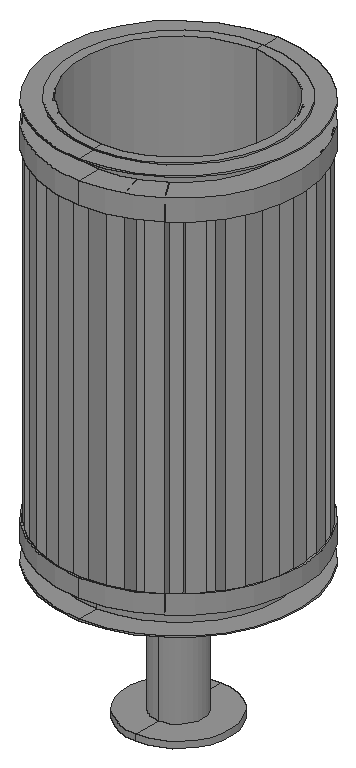
Revit family "Урна уличная «Радиус-3» Арт 12225", category Антураж, Revit 2018
Family settings
  На основе рабочей плоскости = Нет
  Всегда вертикально = Да
  При загрузке вырезать с полостями = Нет
  Источник визуального образа = Геометрия семейства
  Общий = Нет
  Точка расчета площади = Нет
Parameters (values of type "Урна уличная «Радиус-3». Версия Лиственница")
  Ширина = Диаметр  # 400 mm
  Цвет отделки = Лиственница
  Цвет каркаса = Сталь
  Описание = if([Версия "Ангарская сосна"], "Урна уличная «Радиус-3». Версия Ангарская сосна", "Урна уличная «Радиус-3». Версия Лиственница")  # "Урна уличная «Радиус-3». Версия Лиственница"
  Материал изделия = "Сталь, дерево"  # constant formula
  Изображение типоразмера = Урна уличная «Радиус-3» Арт 12225.jpg
  Изготовитель = "ООО «Хоббика»"  # constant formula
  Длина = Диаметр  # 400 mm
  Диаметр = 400 mm  # constant formula
  Группа модели = "Уличные урны"  # constant formula
  Высота = 894 mm  # constant formula
  Версия "Ангарская сосна" = no
  Версия "Лиственница" = not([Версия "Ангарская сосна"])  # yes
  Артикул товара = "Арт. 12225"  # constant formula
  URL = "https://hobbyka.ru/product/urna_ulichnaya_radius3/"
Types (3, lengths in mm): name | Цвет отделки | Описание | Версия "Ангарская сосна" | Версия "Лиственница"
  (no name) | Лиственница | "Урна уличная «Радиус-3». Версия Лиственница" | no | yes
  Урна уличная «Радиус-3». Версия Ангарская сосна | Сосна | "Урна уличная «Радиус-3». Версия Ангарская сосна" | yes | no
  Урна уличная «Радиус-3». Версия Лиственница | Лиственница | "Урна уличная «Радиус-3». Версия Лиственница" | no | yes
Reference planes
  plane 1 "По центру (Вперед/Назад)": y = 0
  plane 2: z = 0
  plane 3 "По центру (Влево/Вправо)": x = 0
  plane 4: y = 400
  plane 5: x = 400
  plane 6: z = 894
Forms (mm)
  Revolve 1, solid, material "Сталь" <- "Цвет каркаса"
    sketch origin (200, 0, 0) x (0, 1, 0) y (0, 0, 1)
      loop
        line (42, 892) -> (0, 892) -> (0, 890) -> (40, 890) -> (40, 860) -> (0, 860) -> (0, 825) -> (2, 825) -> (2, 858) -> (42, 858) -> (42, 892)
      loop
        line (200, 0) -> (200, 259) -> (2, 259) -> (2, 287) -> (0, 287) -> (0, 257) -> (35, 257) -> (35, 227) -> (0, 227) -> (0, 225) -> (160, 225) -> (160, 10) -> (115, 10) -> (115, 0) -> (200, 0)
      axis (200, 892) -> (200, 0)
    angle from 0 to 360
  Revolve 2, solid, material "Бак"
    sketch origin (200, 0, 0) x (0, 1, 0) y (0, 0, 1)
      loop
        line (29, 894) -> (29, 892) -> (42, 892) -> (42, 259) -> (200, 259) -> (200, 261) -> (44, 261) -> (44, 894) -> (29, 894)
      axis (200, 894) -> (200, 259)
    angle from 0 to 360
  Extrusion 3, solid, material "Сталь" <- "Цвет каркаса"
    sketch origin (0, 0, 0) x (1, 0, 0) y (0, 1, 0)
      loop
        line (187.5, 4) -> (212.5, 4) -> (212.5, 39) -> (187.5, 39) -> (187.5, 4)
      loop
        line (187.5, 396) -> (187.5, 361) -> (212.5, 361) -> (212.5, 396) -> (187.5, 396)
    from 259 to 858
  Extrusion 4, solid, material "Лиственница" <- "Цвет отделки"
    sketch origin (0, 400, 0) x (0, -1, 0) y (1, 0, 0)
      loop
        line (187.5, 4) -> (212.5, 4) -> (212.5, 39) -> (187.5, 39) -> (187.5, 4)
      loop
        line (187.5, 396) -> (187.5, 361) -> (212.5, 361) -> (212.5, 396) -> (187.5, 396)
    from 259 to 858
  Extrusion 5, solid, material "Лиственница" <- "Цвет отделки"
    sketch origin (-82.843, 200, 0) x (0.707107, -0.707107, 0) y (0.707107, 0.707107, 0)
      loop
        line (187.5, 4) -> (212.5, 4) -> (212.5, 39) -> (187.5, 39) -> (187.5, 4)
      loop
        line (187.5, 396) -> (187.5, 361) -> (212.5, 361) -> (212.5, 396) -> (187.5, 396)
    from 259 to 858
  Extrusion 6, solid, material "Лиственница" <- "Цвет отделки"
    sketch origin (200, 482.843, 0) x (-0.707107, -0.707107, 0) y (0.707107, -0.707107, 0)
      loop
        line (187.5, 4) -> (212.5, 4) -> (212.5, 39) -> (187.5, 39) -> (187.5, 4)
      loop
        line (187.5, 396) -> (187.5, 361) -> (212.5, 361) -> (212.5, 396) -> (187.5, 396)
    from 259 to 858
  Extrusion 7, solid, material "Лиственница" <- "Цвет отделки"
    sketch origin (126.795, 473.205, 0) x (-0.5, -0.866025, 0) y (0.866025, -0.5, 0)
      loop
        line (187.5, 4) -> (212.5, 4) -> (212.5, 39) -> (187.5, 39) -> (187.5, 4)
      loop
        line (187.5, 396) -> (187.5, 361) -> (212.5, 361) -> (212.5, 396) -> (187.5, 396)
    from 259 to 858
  Extrusion 8, solid, material "Лиственница" <- "Цвет отделки"
    sketch origin (-44.949, 341.421, 0) x (0.258819, -0.965926, 0) y (0.965926, 0.258819, 0)
      loop
        line (187.5, 4) -> (212.5, 4) -> (212.5, 39) -> (187.5, 39) -> (187.5, 4)
      loop
        line (187.5, 396) -> (187.5, 361) -> (212.5, 361) -> (212.5, 396) -> (187.5, 396)
    from 259 to 858
  Extrusion 9, solid, material "Лиственница" <- "Цвет отделки"
    sketch origin (341.421, 444.949, 0) x (-0.965926, -0.258819, 0) y (0.258819, -0.965926, 0)
      loop
        line (187.5, 4) -> (212.5, 4) -> (212.5, 39) -> (187.5, 39) -> (187.5, 4)
      loop
        line (187.5, 396) -> (187.5, 361) -> (212.5, 361) -> (212.5, 396) -> (187.5, 396)
    from 259 to 858
  Extrusion 10, solid, material "Лиственница" <- "Цвет отделки"
    sketch origin (58.579, 444.949, 0) x (-0.258819, -0.965926, 0) y (0.965926, -0.258819, 0)
      loop
        line (187.5, 4) -> (212.5, 4) -> (212.5, 39) -> (187.5, 39) -> (187.5, 4)
      loop
        line (187.5, 396) -> (187.5, 361) -> (212.5, 361) -> (212.5, 396) -> (187.5, 396)
    from 259 to 858
  Extrusion 11, solid, material "Лиственница" <- "Цвет отделки"
    sketch origin (-73.205, 273.205, 0) x (0.5, -0.866025, 0) y (0.866025, 0.5, 0)
      loop
        line (187.5, 4) -> (212.5, 4) -> (212.5, 39) -> (187.5, 39) -> (187.5, 4)
      loop
        line (187.5, 396) -> (187.5, 361) -> (212.5, 361) -> (212.5, 396) -> (187.5, 396)
    from 259 to 858
  Extrusion 12, solid, material "Лиственница" <- "Цвет отделки"
    sketch origin (273.205, 473.205, 0) x (-0.866025, -0.5, 0) y (0.5, -0.866025, 0)
      loop
        line (187.5, 4) -> (212.5, 4) -> (212.5, 39) -> (187.5, 39) -> (187.5, 4)
      loop
        line (187.5, 396) -> (187.5, 361) -> (212.5, 361) -> (212.5, 396) -> (187.5, 396)
    from 259 to 858
  Extrusion 13, solid, material "Лиственница" <- "Цвет отделки"
    sketch origin (-73.205, 126.795, 0) x (0.866025, -0.5, 0) y (0.5, 0.866025, 0)
      loop
        line (187.5, 4) -> (212.5, 4) -> (212.5, 39) -> (187.5, 39) -> (187.5, 4)
      loop
        line (187.5, 396) -> (187.5, 361) -> (212.5, 361) -> (212.5, 396) -> (187.5, 396)
    from 259 to 858
  Extrusion 14, solid, material "Лиственница" <- "Цвет отделки"
    sketch origin (-44.949, 58.579, 0) x (0.965926, -0.258819, 0) y (0.258819, 0.965926, 0)
      loop
        line (187.5, 4) -> (212.5, 4) -> (212.5, 39) -> (187.5, 39) -> (187.5, 4)
      loop
        line (187.5, 396) -> (187.5, 361) -> (212.5, 361) -> (212.5, 396) -> (187.5, 396)
    from 259 to 858
Dimensions and locks
  "Ширина": plane 4 to plane 1 "По центру (Вперед/Назад)"
  "Длина": plane 3 "По центру (Влево/Вправо)" to plane 5
  "Высота": plane 6 to plane 2
  aligned and locked: level to plane 2
Automatic sketch dimensions
  Revolve 1 sketch curve to plane 1 "По центру (Вперед/Назад)" = 0 mm  (x4)
  Revolve 1 sketch curve to level = 0 mm  (x2)
  Revolve 1 sketch curve to plane 1 "По центру (Вперед/Назад)" = 2 mm  (x2)
  Revolve 1 sketch curve to plane 1 "По центру (Вперед/Назад)" = 35 mm
  Revolve 1 sketch curve to plane 6 = 4 mm
  Revolve 1 sketch curve to plane 1 "По центру (Вперед/Назад)" = 40 mm
  Revolve 1 sketch curve to Revolve 1 sketch curve = 2 mm  (x3)
  Revolve 1 sketch curve to plane 1 "По центру (Вперед/Назад)" = 115 mm
  level to Revolve 1 sketch curve = 10 mm
  Revolve 1 sketch curve to Revolve 1 sketch curve = 45 mm
  Revolve 1 sketch curve to Revolve 1 sketch curve = 40 mm
  Revolve 1 sketch curve to Revolve 1 sketch curve = 215 mm
  Revolve 1 sketch curve to Revolve 1 sketch curve = 30 mm
  Revolve 1 sketch curve to Revolve 1 sketch curve = 34 mm
  Revolve 1 sketch curve to Revolve 1 sketch curve = 28 mm
  Revolve 1 sketch curve to Revolve 1 sketch curve = 65 mm
  Revolve 1 sketch curve to Revolve 1 sketch curve = 32 mm
  Revolve 1 sketch curve to plane 6 = 2 mm
  Revolve 1 sketch curve to Revolve 1 sketch curve = 0 mm
  plane 6 to Revolve 1 sketch curve = 140 mm
  Revolve 2 sketch curve to plane 6 = 0 mm
  Revolve 2 sketch curve to level = 0 mm
  Revolve 2 sketch curve to plane 6 = 2 mm
  Revolve 2 sketch curve to plane 1 "По центру (Вперед/Назад)" = 29 mm
  Revolve 2 sketch curve to plane 1 "По центру (Вперед/Назад)" = 42 mm
  Revolve 2 sketch curve to Revolve 2 sketch curve = 2 mm  (x2)
  Revolve 2 sketch curve to Revolve 2 sketch curve = 156 mm
  level to Revolve 2 sketch curve = 259 mm
  Revolve 2 sketch curve to plane 1 "По центру (Вперед/Назад)" = 200 mm
  plane 6 to Revolve 2 sketch curve = 100 mm
  Extrusion 3 sketch curve to plane 1 "По центру (Вперед/Назад)" = 4 mm
  plane 3 "По центру (Влево/Вправо)" to Extrusion 3 sketch curve = 187.5 mm  (x2)
  Extrusion 3 sketch curve to plane 4 = 39 mm
  Extrusion 3 sketch curve to plane 4 = 4 mm
  Extrusion 3 sketch curve to Extrusion 3 sketch curve = 25 mm  (x2)
  Extrusion 3 sketch curve to Extrusion 3 sketch curve = 35 mm
  plane 3 "По центру (Влево/Вправо)" to Extrusion 4 sketch curve = 4 mm
  Extrusion 4 sketch curve to plane 4 = 187.5 mm  (x2)
  Extrusion 4 sketch curve to plane 5 = 39 mm
  Extrusion 4 sketch curve to Extrusion 4 sketch curve = 25 mm  (x2)
  Extrusion 4 sketch curve to plane 5 = 4 mm
  Extrusion 4 sketch curve to Extrusion 4 sketch curve = 35 mm
  plane 3 "По центру (Влево/Вправо)" to Extrusion 5 sketch curve = 52.568 mm
  Extrusion 5 sketch curve to plane 1 "По центру (Вперед/Назад)" = 70.246 mm
  Extrusion 5 sketch curve to Extrusion 5 sketch curve = 0 mm
  Extrusion 5 sketch curve to Extrusion 5 sketch curve = 25 mm  (x2)
  Extrusion 5 sketch curve to Extrusion 5 sketch curve = 35 mm  (x2)
  Extrusion 5 sketch curve to Extrusion 5 sketch curve = 322 mm
  Extrusion 6 sketch curve to plane 4 = 52.568 mm
  plane 3 "По центру (Влево/Вправо)" to Extrusion 6 sketch curve = 70.246 mm
  Extrusion 6 sketch curve to Extrusion 6 sketch curve = 0 mm
  Extrusion 6 sketch curve to Extrusion 6 sketch curve = 25 mm  (x2)
  Extrusion 6 sketch curve to Extrusion 6 sketch curve = 35 mm  (x2)
  Extrusion 6 sketch curve to Extrusion 6 sketch curve = 322 mm
  plane 3 "По центру (Влево/Вправо)" to Extrusion 7 sketch curve = 36.509 mm
  Extrusion 7 sketch curve to plane 4 = 91.175 mm
  Extrusion 7 sketch curve to Extrusion 7 sketch curve = 0 mm
  Extrusion 7 sketch curve to Extrusion 7 sketch curve = 25 mm  (x2)
  Extrusion 7 sketch curve to Extrusion 7 sketch curve = 35 mm  (x2)
  Extrusion 7 sketch curve to Extrusion 7 sketch curve = 322 mm
  plane 3 "По центру (Влево/Вправо)" to Extrusion 8 sketch curve = 7.443 mm
  Extrusion 8 sketch curve to plane 1 "По центру (Вперед/Назад)" = 161.346 mm
  Extrusion 8 sketch curve to Extrusion 8 sketch curve = 0 mm
  Extrusion 8 sketch curve to Extrusion 8 sketch curve = 25 mm  (x2)
  Extrusion 8 sketch curve to Extrusion 8 sketch curve = 35 mm  (x2)
  Extrusion 8 sketch curve to Extrusion 8 sketch curve = 322 mm
  Extrusion 9 sketch curve to plane 4 = 7.443 mm
  plane 3 "По центру (Влево/Вправо)" to Extrusion 9 sketch curve = 161.346 mm
  Extrusion 9 sketch curve to Extrusion 9 sketch curve = 0 mm
  Extrusion 9 sketch curve to Extrusion 9 sketch curve = 25 mm  (x2)
  Extrusion 9 sketch curve to Extrusion 9 sketch curve = 35 mm  (x2)
  Extrusion 9 sketch curve to Extrusion 9 sketch curve = 322 mm
  plane 3 "По центру (Влево/Вправо)" to Extrusion 10 sketch curve = 13.914 mm
  Extrusion 10 sketch curve to plane 4 = 137.197 mm
  Extrusion 10 sketch curve to Extrusion 10 sketch curve = 0 mm
  Extrusion 10 sketch curve to Extrusion 10 sketch curve = 25 mm  (x2)
  Extrusion 10 sketch curve to Extrusion 10 sketch curve = 35 mm  (x2)
  Extrusion 10 sketch curve to Extrusion 10 sketch curve = 322 mm
  plane 3 "По центру (Влево/Вправо)" to Extrusion 11 sketch curve = 24.009 mm
  Extrusion 11 sketch curve to plane 1 "По центру (Вперед/Назад)" = 112.825 mm
  Extrusion 11 sketch curve to Extrusion 11 sketch curve = 0 mm
  Extrusion 11 sketch curve to Extrusion 11 sketch curve = 25 mm  (x2)
  Extrusion 11 sketch curve to Extrusion 11 sketch curve = 35 mm  (x2)
  Extrusion 11 sketch curve to Extrusion 11 sketch curve = 322 mm
  Extrusion 12 sketch curve to plane 4 = 24.009 mm
  plane 3 "По центру (Влево/Вправо)" to Extrusion 12 sketch curve = 112.825 mm
  Extrusion 12 sketch curve to Extrusion 12 sketch curve = 0 mm
  Extrusion 12 sketch curve to Extrusion 12 sketch curve = 25 mm  (x2)
  Extrusion 12 sketch curve to Extrusion 12 sketch curve = 35 mm  (x2)
  Extrusion 12 sketch curve to Extrusion 12 sketch curve = 322 mm
  Extrusion 13 sketch curve to plane 1 "По центру (Вперед/Назад)" = 36.509 mm
  plane 3 "По центру (Влево/Вправо)" to Extrusion 13 sketch curve = 91.175 mm
  Extrusion 13 sketch curve to Extrusion 13 sketch curve = 0 mm
  Extrusion 13 sketch curve to Extrusion 13 sketch curve = 25 mm  (x2)
  Extrusion 13 sketch curve to Extrusion 13 sketch curve = 35 mm  (x2)
  Extrusion 13 sketch curve to Extrusion 13 sketch curve = 322 mm
  Extrusion 14 sketch curve to plane 1 "По центру (Вперед/Назад)" = 13.914 mm
  plane 3 "По центру (Влево/Вправо)" to Extrusion 14 sketch curve = 137.197 mm
  Extrusion 14 sketch curve to Extrusion 14 sketch curve = 0 mm
  Extrusion 14 sketch curve to Extrusion 14 sketch curve = 25 mm  (x2)
  Extrusion 14 sketch curve to Extrusion 14 sketch curve = 35 mm  (x2)
  Extrusion 14 sketch curve to Extrusion 14 sketch curve = 322 mm
